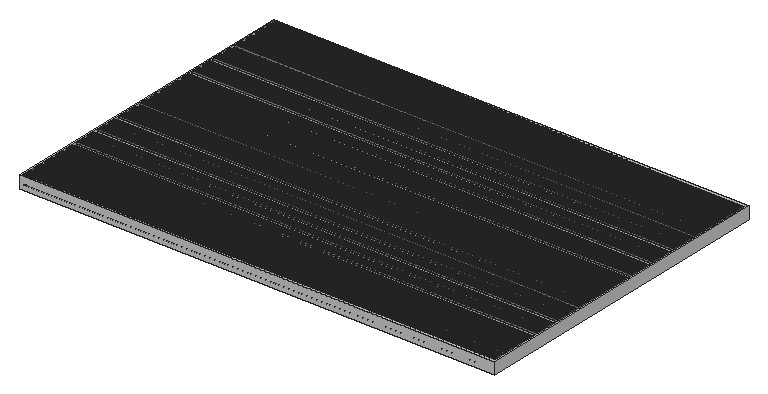
Revit family "Flooring_Entrance_Fuma_TopCleanTrend-Mit-Gummiprofil_DE", category Allgemeines Modell, Revit 2018
Family settings
  Kann Basisbauteil für Bewehrung sein = Nein
  Bemaßung runder Anschluss = Durchmesser verwenden
  Teiletyp = Normal
  Arbeitsebenenbasiert = Nein
  Immer vertikal = Ja
  Beim Laden mit Abzugskörper schneiden = Nein
  Gemeinsam genutzt = Nein
  Raumberechnungspunkt = Nein
Parameters (values of type "Teppichlänge 27 mm")
  Technische Daten = "https://www.fuma.com/produkte/eingangsmatten/aluprofilmatten/top-clean-trend"
  Produktinformation = "Diese besonders witterungsbeständige und korrosionsresistente Matte empfiehlt sich für den Außenbereich. Geeignet für Eingänge mit normaler und starker Lauffrequentierung. Stoppt bereits am Eingang äußerst zuverlässig Schmutz und Nässe. Ausgestattet mit einem strapazierfähigen Antirutsch- Gummiprofil. Schalldämmend, maßhaltig, aufrollbar und leicht zu reinigen. Anfertigung in jeder Breite und Tiefe. Sonderformen gegen Aufpreis"
  Product avaibility = "weltweit\r\n"  # constant formula
  Modell-Nr = "12225 G"
  Maximale Belastung = "3.000 kg"
  Hersteller Land = "Deutschland"  # constant formula
  Minimale Teppichlänge = 300 mm  # constant formula
  Maximale Teppichlänge = 10000 mm  # constant formula
  Länge des Teppichs = 1200 mm
  Minimale Teppichbreite = 300 mm  # constant formula
  Maximale Teppichbreite = 10000 mm  # constant formula
  Edition number = 2
  Breite des Teppichs = 800 mm
  Rips = Polypropylen - Fuma - Rips
  Rahmen Material = "Aluminium oder Edelstahl"
  Beginn des Pinsels = Angepasste Wiederholung / 2  # 33.267 mm
  Farbe = "Farbe Gummiprofil: - schwarz"
  Abstandseinstellung = (Breite des aktuellen Teppichs - (Anzahl der aktuellen Profile * Versuchswiederholung)) / Anzahl der aktuellen Profile * 0.8  # 0.533 mm
  Versuchswiederholung = 2 * (Profilbreite + Abstand zwischen den Profilen 4 6 oder 8mm)  # 66 mm
  URL = "https://www.fuma.com/"
  Telefon = " +49 7248 450 73 0\r\n"  # constant formula
  Type Comments = ""
  Tiefen Teppich = 5 mm
  Angepasste Wiederholung = Versuchswiederholung + Abstandseinstellung  # 66.533 mm
  Anzahl der aktuellen Profile = rounddown(Breite des aktuellen Teppichs / Versuchswiederholung)  # 12
  Modell = "TopCleanTrend® mit Gummiprofil"
  Hersteller = "fuma Hauszubehör GmbH"  # constant formula
  Aktuelle Länge = Aktuelle Teppichlänge - (Dicke des Rahmenprofils + 2 mm) * 2  # 1190 mm
  Aktuelle Teppichlänge = if(Länge des Teppichs < Minimale Teppichlänge, Minimale Teppichlänge, if(Länge des Teppichs > Maximale Teppichlänge, Maximale Teppichlänge, Länge des Teppichs))  # 1200 mm
  Profil = Aluminum - Fuma - Grun
  Breite des Rahmenprofils = (Profilbreite + Abstand zwischen den Profilen 4 6 oder 8mm) / 2  # 16.5 mm
  Profilbreite = 27 mm
  Aktuelle Breite = Anzahl der aktuellen Profile * Angepasste Wiederholung + 2 mm  # 800.4 mm
  Breite des aktuellen Teppichs = if(Breite des Teppichs < Minimale Teppichbreite, Minimale Teppichbreite, if(Breite des Teppichs > Maximale Teppichbreite, Maximale Teppichbreite, Breite des Teppichs))  # 800 mm
  Rahmenhöhe = 30 mm
  Dicke des Teppichs = 27 mm
  Dicke des Rahmenprofils = 3 mm  # constant formula
  E-mail = "info@fuma.com"  # constant formula
  Abstand zwischen den Profilen 4 6 oder 8mm = 6 mm
  Entfernungsprofil = 23 mm
  Description = ""
  Gummi = Gummi - Fuma - Schwarz
  Anschrift = "Reutäckerstraße 9, 76307 Karlsbad, DE"  # constant formula
Types (4, lengths in mm): name | Tiefen Teppich | Rahmenhöhe | Dicke des Teppichs | Entfernungsprofil
  Teppichlänge 10 mm | 2.8 | 15 | 10 | 10.2
  Teppichlänge 27 mm | 5 | 30 | 27 | 23
  Teppichlänge 22 mm | 5 | 25 | 22 | 18
  Teppichlänge 17 mm | 3 | 20 | 17 | 13.5
Reference planes
  plane 1 "Center (Front/Back)": y = 0
  plane 2: z = 0
  plane 3 "Center (Left/Right)": x = 0
  plane 4: y = 800
  plane 5: x = 1200
Forms (mm)
  Sweep 1, solid, material "Aluminum - Fuma - Grun" <- "Profil"
    path origin (0, 0, 0) x (1, 0, 0) y (0, 1, 0)
      loop
        line (0, 800) -> (0, 0) -> (1200, 0) -> (1200, 800) -> (0, 800)
    profile origin (600, 800, 0) x (0, 1, 0) y (0, 0, 1)
      loop
        line (0, -3) -> (0, 27) -> (-3, 27) -> (-3, 0) -> (-16.5, 0) -> (-16.5, -3) -> (0, -3)
Dimensions and locks
  equal spacing: group 1, group 2, group 3, group 4, group 9, group 10, group 11, group 12, group 13, group 14, group 15, group 16  (x3)
  "Aktuelle Teppichlänge": plane 5 to plane 3 "Center (Left/Right)"
  "Breite des aktuellen Teppichs": plane 4 to plane 1 "Center (Front/Back)"
  "Dicke des Rahmenprofils": Sweep 1 sketch curve to Sweep 1 sketch curve  (x2)
  "Rahmenhöhe": Sweep 1 sketch curve to Sweep 1 sketch curve
  "Breite des Rahmenprofils": Sweep 1 sketch curve to Sweep 1 sketch curve
  locked: plane 1 "Center (Front/Back)" to nested 1 at 4
  "Angepasste Wiederholung": nested 1 to nested 2
  equal spacing: group 5, group 6, group 7, group 8, group 17, group 18, group 19, group 20, group 21, group 22, group 23, group 24  (x3)
  "Angepasste Wiederholung": nested 6 to nested 5
  "Beginn des Pinsels": nested 5 to nested 1
  aligned and locked: Sweep 1 sketch curve to plane 5
  aligned and locked: plane 3 "Center (Left/Right)" to Sweep 1 sketch curve
  aligned and locked: Sweep 1 sketch curve to plane 4
  aligned and locked: Sweep 1 sketch curve to plane 1 "Center (Front/Back)"
Automatic sketch dimensions
  Sweep 1 sketch curve to level = 0 mm
  Sweep 1 sketch curve to profile plane = 0 mm
Nested families
  nested 1: "Grooved Rubber" at (4, 17.472, 0), type "Grooved Rubber"
    with Trend 27 yes, Trend 22 no, Hauteur 27 mm, Distance profil 23 mm
  nested 2: "Grooved Rubber" at (4, 84.005, 0), type "Grooved Rubber"
    with Trend 27 yes, Trend 22 no, Hauteur 27 mm, Distance profil 23 mm
  nested 3: "Grooved Rubber" at (4, 150.539, 0), type "Grooved Rubber"
    with Trend 27 yes, Trend 22 no, Hauteur 27 mm, Distance profil 23 mm
  nested 4: "Grooved Rubber" at (4, 217.072, 0), type "Grooved Rubber"
    with Trend 27 yes, Trend 22 no, Hauteur 27 mm, Distance profil 23 mm
  nested 5: "Grooved Rubber" at (4, 50.739, 0), type "Grooved Rubber"
    with Trend 27 yes, Trend 22 no, Hauteur 27 mm, Distance profil 23 mm
  nested 6: "Grooved Rubber" at (4, 117.272, 0), type "Grooved Rubber"
    with Trend 27 yes, Trend 22 no, Hauteur 27 mm, Distance profil 23 mm
  nested 7: "Grooved Rubber" at (4, 183.805, 0), type "Grooved Rubber"
    with Trend 27 yes, Trend 22 no, Hauteur 27 mm, Distance profil 23 mm
  nested 8: "Grooved Rubber" at (4, 250.339, 0), type "Grooved Rubber"
    with Trend 27 yes, Trend 22 no, Hauteur 27 mm, Distance profil 23 mm
  nested 9: "Grooved Rubber" at (4, 283.605, 0), type "Grooved Rubber"
    with Trend 27 yes, Trend 22 no, Hauteur 27 mm, Distance profil 23 mm
  nested 10: "Grooved Rubber" at (4, 350.139, 0), type "Grooved Rubber"
    with Trend 27 yes, Trend 22 no, Hauteur 27 mm, Distance profil 23 mm
  nested 11: "Grooved Rubber" at (4, 416.672, 0), type "Grooved Rubber"
    with Trend 27 yes, Trend 22 no, Hauteur 27 mm, Distance profil 23 mm
  nested 12: "Grooved Rubber" at (4, 483.205, 0), type "Grooved Rubber"
    with Trend 27 yes, Trend 22 no, Hauteur 27 mm, Distance profil 23 mm
  nested 13: "Grooved Rubber" at (4, 549.739, 0), type "Grooved Rubber"
    with Trend 27 yes, Trend 22 no, Hauteur 27 mm, Distance profil 23 mm
  nested 14: "Grooved Rubber" at (4, 616.272, 0), type "Grooved Rubber"
    with Trend 27 yes, Trend 22 no, Hauteur 27 mm, Distance profil 23 mm
  nested 15: "Grooved Rubber" at (4, 682.805, 0), type "Grooved Rubber"
    with Trend 27 yes, Trend 22 no, Hauteur 27 mm, Distance profil 23 mm
  nested 16: "Grooved Rubber" at (4, 749.339, 0), type "Grooved Rubber"
    with Trend 27 yes, Trend 22 no, Hauteur 27 mm, Distance profil 23 mm
  nested 17: "Grooved Rubber" at (4, 316.872, 0), type "Grooved Rubber"
    with Trend 27 yes, Trend 22 no, Hauteur 27 mm, Distance profil 23 mm
  nested 18: "Grooved Rubber" at (4, 383.405, 0), type "Grooved Rubber"
    with Trend 27 yes, Trend 22 no, Hauteur 27 mm, Distance profil 23 mm
  nested 19: "Grooved Rubber" at (4, 449.939, 0), type "Grooved Rubber"
    with Trend 27 yes, Trend 22 no, Hauteur 27 mm, Distance profil 23 mm
  nested 20: "Grooved Rubber" at (4, 516.472, 0), type "Grooved Rubber"
    with Trend 27 yes, Trend 22 no, Hauteur 27 mm, Distance profil 23 mm
  nested 21: "Grooved Rubber" at (4, 583.005, 0), type "Grooved Rubber"
    with Trend 27 yes, Trend 22 no, Hauteur 27 mm, Distance profil 23 mm
  nested 22: "Grooved Rubber" at (4, 649.539, 0), type "Grooved Rubber"
    with Trend 27 yes, Trend 22 no, Hauteur 27 mm, Distance profil 23 mm
  nested 23: "Grooved Rubber" at (4, 716.072, 0), type "Grooved Rubber"
    with Trend 27 yes, Trend 22 no, Hauteur 27 mm, Distance profil 23 mm
  nested 24: "Grooved Rubber" at (4, 782.605, 0), type "Grooved Rubber"
    with Trend 27 yes, Trend 22 no, Hauteur 27 mm, Distance profil 23 mm
Definition of nested family "Grooved Rubber"
  Parameters (values of type "Grooved Rubber")
    Trend 42 = Hauteur = 42 mm  # no
    Trend 27 = Hauteur = 27 mm  # no
    Trend 22 = Hauteur = 22 mm  # yes
    Trend 17 = Hauteur = 17 mm  # no
    Trend 13 = Hauteur = 13 mm  # no
    Trend 10 = Hauteur = 10 mm  # no
    URL = "https://www.geggus.fr/"
    Profondeur Tapis = 5 mm
    Model = "Top Clean TREND®"
    Manufacturer = "Geggus"
    Longueur = 1190 mm
    Profile = none
    Hauteur = 22 mm
    Gros deniers = yes
    Fintion 2 = none
    Fins deniers = no
    Distance profil = 18 mm
    Caoutchouc = none
    Brosse = none
  Reference planes
    plane 1 "Center (Front/Back)": y = 0
    plane 2: z = 0
    plane 3 "Center (Left/Right)": x = 0
    plane 4: z = 13
    plane 5: z = 18
    plane 6: z = 18
    plane 7: z = 18
  Forms (mm)
    Extrusion 1, solid, material <- "Profile", visible <- "Trend 17"
      sketch origin (0, 0, 0) x (0, 1, 0) y (0, 0, 1)
        loop
          line (12.528, 9.5) -> (-12.472, 9.5) -> (-12.472, 6.7) -> (12.528, 6.7) -> (12.528, 9.5)
        loop
          line (12.028, 10.5) -> (-11.972, 10.5) -> (-11.972, 13.5) -> (-10.982, 13.5) -> (-10.982, 14.5) -> (-13.472, 14.5) -> (-13.472, 2) -> (-11.175, 2) -> (-11.175, 3) -> (-12.472, 3) -> (-12.472, 5.5) -> (-7.372, 5.5) -> (-7.372, 3) -> (-8.681, 3) -> (-8.681, 2) -> (-6.372, 2) -> (-6.372, 5.5) -> (6.428, 5.5) -> (6.428, 2) -> (8.737, 2) -> (8.737, 3) -> (7.428, 3) -> (7.428, 5.5) -> (12.528, 5.5) -> (12.528, 3) -> (11.231, 3) -> (11.231, 2) -> (13.528, 2) -> (13.528, 14.5) -> (11.038, 14.5) -> (11.038, 13.5) -> (12.028, 13.5) -> (12.028, 10.5)
      from 0 to 1190 <- "Longueur"
    Extrusion 2, solid, material <- "Caoutchouc"
      sketch origin (0, -9.881, 7.713) x (0, -1, 0) y (0, 0, -1)
        loop
          line (1.319, 5.713) -> (2.983, 5.713)
          arc (2.983, 5.713) -> (3.327, 5.932) -> (3.274, 6.337) r 0.38
          line (3.274, 6.337) -> (2.119, 7.713) -> (-1.881, 7.713) -> (-3.035, 6.337)
          arc (-3.035, 6.337) -> (-3.088, 5.932) -> (-2.744, 5.713) r 0.38
          line (-2.744, 5.713) -> (-1.081, 5.713) -> (-1.081, 4.76) -> (-1.866, 4.377)
          arc (-1.866, 4.377) -> (-2.114, 3.98) -> (-1.866, 3.583) r 0.442
          line (-1.866, 3.583) -> (-0.765, 3.046)
          arc (-0.765, 3.046) -> (0.119, 2.842) -> (1.004, 3.046) r 2.019
          line (1.004, 3.046) -> (2.105, 3.583)
          arc (2.105, 3.583) -> (2.353, 3.98) -> (2.105, 4.377) r 0.442
          line (2.105, 4.377) -> (1.319, 4.76) -> (1.319, 5.713)
        loop
          line (-21.081, 5.713) -> (-21.081, 4.76) -> (-21.866, 4.377)
          arc (-21.866, 4.377) -> (-22.114, 3.98) -> (-21.866, 3.583) r 0.442
          line (-21.866, 3.583) -> (-20.765, 3.046)
          arc (-20.765, 3.046) -> (-19.881, 2.842) -> (-18.996, 3.046) r 2.019
          line (-18.996, 3.046) -> (-17.895, 3.583)
          arc (-17.895, 3.583) -> (-17.647, 3.98) -> (-17.895, 4.377) r 0.442
          line (-17.895, 4.377) -> (-18.681, 4.76) -> (-18.681, 5.713) -> (-17.017, 5.713)
          arc (-17.017, 5.713) -> (-16.673, 5.932) -> (-16.726, 6.337) r 0.38
          line (-16.726, 6.337) -> (-17.881, 7.713) -> (-21.881, 7.713) -> (-23.035, 6.337)
          arc (-23.035, 6.337) -> (-23.088, 5.932) -> (-22.744, 5.713) r 0.38
          line (-22.744, 5.713) -> (-21.081, 5.713)
      from 0 to 1190 <- "Longueur"
    Extrusion 3, solid, material <- "Brosse", visible <- "Gros deniers"
      sketch origin (0, 0.264, 37.152) x (0, 1, 0) y (0, 0, 1)
        loop
          line (10.315, -24.152) -> (11.621, -16.743) -> (10.374, -14.746) -> (9.01, -16.929) -> (7.646, -14.746) -> (6.282, -16.929) -> (4.918, -14.746) -> (3.671, -16.743) -> (2.423, -14.746) -> (1.059, -16.929) -> (-0.264, -14.812) -> (-1.586, -16.929) -> (-2.95, -14.746) -> (-4.198, -16.743) -> (-5.445, -14.746) -> (-6.809, -16.929) -> (-8.173, -14.746) -> (-9.368, -16.659) -> (-10.563, -14.746) -> (-12.074, -17.164) -> (-10.842, -24.152) -> (10.315, -24.152)
      from 0 to 1190 <- "Longueur"
    Extrusion 4, solid, material <- "Profile", visible <- "Trend 22"
      sketch origin (0, 0.25, 15.623) x (0, 1, 0) y (0, 0, 1)
        loop
          line (8.549, -13.623) -> (8.549, -12.67) -> (7.498, -12.67) -> (7.498, -9.628) -> (12.25, -9.628) -> (12.25, -12.67) -> (10.95, -12.67) -> (10.95, -13.623) -> (12.563, -13.623)
          arc (12.563, -13.623) -> (13.049, -13.422) -> (13.25, -12.937) r 0.687
          line (13.25, -12.937) -> (13.25, 3.375) -> (13, 2.442) -> (12.75, 3.375) -> (12.508, 2.472) -> (12.249, 3.374) -> (12, 2.504) -> (11.75, 3.375)
          arc (11.75, 3.375) -> (11.003, 2.872) -> (11.75, 2.37) r 0.542
          line (11.75, 2.37) -> (11.75, -2.619) -> (-12.25, -2.619) -> (-12.25, 2.37)
          arc (-12.25, 2.37) -> (-11.503, 2.872) -> (-12.25, 3.375) r 0.542
          line (-12.25, 3.375) -> (-12.5, 2.504) -> (-12.749, 3.374) -> (-13.008, 2.472) -> (-13.25, 3.375) -> (-13.5, 2.442) -> (-13.75, 3.375) -> (-13.75, -12.937)
          arc (-13.75, -12.937) -> (-13.549, -13.422) -> (-13.063, -13.623) r 0.687
          line (-13.063, -13.623) -> (-11.45, -13.623) -> (-11.45, -12.67) -> (-12.75, -12.67) -> (-12.75, -9.628) -> (-7.998, -9.628) -> (-7.998, -12.67) -> (-9.049, -12.67) -> (-9.049, -13.623) -> (-6.75, -13.623) -> (-6.75, -9.628) -> (6.25, -9.628) -> (6.25, -13.623) -> (8.549, -13.623)
        loop
          arc (11.684, -8.63) -> (12.084, -8.464) -> (12.25, -8.063) r 0.566
          line (12.25, -8.063) -> (12.25, -4.232)
          arc (12.25, -4.232) -> (12.074, -3.807) -> (11.65, -3.632) r 0.6
          line (11.65, -3.632) -> (-12.19, -3.632)
          arc (-12.19, -3.632) -> (-12.586, -3.796) -> (-12.75, -4.191) r 0.56
          line (-12.75, -4.191) -> (-12.75, -8.023)
          arc (-12.75, -8.023) -> (-12.572, -8.452) -> (-12.144, -8.63) r 0.606
          line (-12.144, -8.63) -> (11.684, -8.63)
      from 0 to 1190 <- "Longueur"
    Extrusion 5, solid, material <- "Profile", visible <- "Trend 27"
      sketch origin (0, -0.028, 0) x (0, 1, 0) y (0, 0, 1)
        loop
          line (11.028, 16.864) -> (-10.972, 16.864)
          arc (-10.972, 16.864) -> (-11.679, 16.571) -> (-11.972, 15.864) r 1
          line (-11.972, 15.864) -> (-11.972, 8.201)
          arc (-11.972, 8.201) -> (-11.679, 7.494) -> (-10.972, 7.201) r 1
          line (-10.972, 7.201) -> (11.028, 7.201)
          arc (11.028, 7.201) -> (11.735, 7.494) -> (12.028, 8.201) r 1
          line (12.028, 8.201) -> (12.028, 15.864)
          arc (12.028, 15.864) -> (11.735, 16.571) -> (11.028, 16.864) r 1
        loop
          line (12.028, 18.021) -> (-11.972, 18.021) -> (-11.972, 23.003) -> (-10.982, 23.003) -> (-10.982, 24.003) -> (-13.472, 24.003) -> (-13.472, 2) -> (-11.175, 2) -> (-11.175, 3) -> (-12.472, 3) -> (-12.472, 5.966) -> (-7.372, 5.966) -> (-7.372, 3) -> (-8.681, 3) -> (-8.681, 2) -> (-6.372, 2) -> (-6.372, 5.966) -> (6.428, 5.966) -> (6.428, 2) -> (8.737, 2) -> (8.737, 3) -> (7.428, 3) -> (7.428, 5.966) -> (12.528, 5.966) -> (12.528, 3) -> (11.231, 3) -> (11.231, 2) -> (13.528, 2) -> (13.528, 24.003) -> (11.038, 24.003) -> (11.038, 23.003) -> (12.028, 23.003) -> (12.028, 18.021)
      from 0 to 1190 <- "Longueur"
    Extrusion 6, solid, material <- "Profile", visible <- "Trend 10"
      sketch origin (0, 0, 8.025) x (0, 1, 0) y (0, 0, 1)
        loop
          line (8.804, -6.025) -> (8.804, -5.072) -> (7.498, -5.072) -> (7.498, -2.031) -> (12.498, -2.031) -> (12.498, -5.072) -> (11.204, -5.072) -> (11.204, -6.025) -> (12.626, -6.025)
          arc (12.626, -6.025) -> (13.263, -5.761) -> (13.527, -5.124) r 0.902
          line (13.527, -5.124) -> (13.527, 2.339)
          arc (13.527, 2.339) -> (13.624, 2.92) -> (13.25, 3.375) r 0.711
          line (13.25, 3.375) -> (13, 2.442) -> (12.75, 3.375) -> (12.508, 2.472) -> (12.249, 3.374) -> (12, 2.504) -> (11.75, 3.375)
          arc (11.75, 3.375) -> (11.003, 2.872) -> (11.75, 2.37) r 0.542
          line (11.75, 2.37) -> (11.75, -0.638) -> (-11.75, -0.638) -> (-11.75, 2.37)
          arc (-11.75, 2.37) -> (-11.003, 2.872) -> (-11.75, 3.375) r 0.542
          line (-11.75, 3.375) -> (-12, 2.504) -> (-12.249, 3.374) -> (-12.508, 2.472) -> (-12.75, 3.375) -> (-13, 2.442) -> (-13.25, 3.375)
          arc (-13.25, 3.375) -> (-13.624, 2.92) -> (-13.527, 2.339) r 0.711
          line (-13.527, 2.339) -> (-13.527, -5.124)
          arc (-13.527, -5.124) -> (-13.263, -5.761) -> (-12.626, -6.025) r 0.902
          line (-12.626, -6.025) -> (-11.204, -6.025) -> (-11.204, -5.072) -> (-12.498, -5.072) -> (-12.498, -2.031) -> (-7.498, -2.031) -> (-7.498, -5.072) -> (-8.804, -5.072) -> (-8.804, -6.025) -> (8.804, -6.025)
        loop
          line (-5.764, -5.072) -> (5.764, -5.072)
          arc (5.764, -5.072) -> (6.289, -4.855) -> (6.506, -4.329) r 0.743
          line (6.506, -4.329) -> (6.506, -2.723)
          arc (6.506, -2.723) -> (6.303, -2.233) -> (5.814, -2.031) r 0.692
          line (5.814, -2.031) -> (-5.814, -2.031)
          arc (-5.814, -2.031) -> (-6.303, -2.233) -> (-6.506, -2.723) r 0.692
          line (-6.506, -2.723) -> (-6.506, -4.329)
          arc (-6.506, -4.329) -> (-6.289, -4.855) -> (-5.764, -5.072) r 0.743
      from 0 to 1190 <- "Longueur"
  Dimensions and locks
    "Profondeur Tapis": plane 4 to plane 5
    "Distance profil": plane 5 to level
    aligned and locked: plane 4 to Extrusion 3 sketch curve
  Automatic sketch dimensions
    plane 1 "Center (Front/Back)" to Extrusion 1 sketch curve = 13.472 mm
    Extrusion 1 sketch curve to Extrusion 1 sketch curve = 1 mm  (x12)
    Extrusion 1 sketch curve to Extrusion 1 sketch curve = 0.5 mm  (x2)
    Extrusion 1 sketch curve to Extrusion 1 sketch curve = 1.297 mm
    Extrusion 1 sketch curve to Extrusion 1 sketch curve = 0.99 mm  (x2)
    Extrusion 1 sketch curve to Extrusion 1 sketch curve = 2.495 mm  (x2)
    Extrusion 1 sketch curve to Extrusion 1 sketch curve = 1.309 mm  (x2)
    level to Extrusion 1 sketch curve = 2 mm  (x4)
    Extrusion 1 sketch curve to plane 1 "Center (Front/Back)" = 6.428 mm
    Extrusion 1 sketch curve to Extrusion 1 sketch curve = 3.61 mm
    Extrusion 1 sketch curve to Extrusion 1 sketch curve = 0 mm  (x3)
    Extrusion 1 sketch curve to Extrusion 1 sketch curve = 2.5 mm
    Extrusion 1 sketch curve to Extrusion 1 sketch curve = 1.2 mm
    Extrusion 1 sketch curve to Extrusion 1 sketch curve = 2.8 mm
    Extrusion 1 sketch curve to Extrusion 1 sketch curve = 3 mm  (x2)
    Extrusion 2 sketch curve to level = 0 mm  (x2)
    level to Extrusion 2 sketch curve = 1.376 mm  (x4)
    Extrusion 2 sketch curve to plane 1 "Center (Front/Back)" = 13.155 mm
    Extrusion 2 sketch curve to Extrusion 2 sketch curve = 0.291 mm  (x4)
    Extrusion 2 sketch curve to Extrusion 2 sketch curve = 1.155 mm  (x2)
    level to Extrusion 2 sketch curve = 4.13 mm  (x3)
    Extrusion 2 sketch curve to Extrusion 2 sketch curve = 0.878 mm  (x3)
    Extrusion 2 sketch curve to Extrusion 2 sketch curve = 0.194 mm  (x7)
    Extrusion 2 sketch curve to Extrusion 2 sketch curve = 0.592 mm  (x3)
    level to Extrusion 2 sketch curve = 4.667 mm  (x3)
    Extrusion 2 sketch curve to Extrusion 2 sketch curve = 1.1 mm  (x2)
    Extrusion 2 sketch curve to Extrusion 2 sketch curve = 1.2 mm  (x4)
    level to Extrusion 2 sketch curve = 2.953 mm  (x2)
    level to Extrusion 2 sketch curve = 3.336 mm  (x4)
    Extrusion 2 sketch curve to Extrusion 2 sketch curve = 0.8 mm  (x2)
    plane 1 "Center (Front/Back)" to Extrusion 2 sketch curve = 6.845 mm
    Extrusion 2 sketch curve to Extrusion 2 sketch curve = 0 mm
    Extrusion 2 sketch curve to Extrusion 2 sketch curve = 0.785 mm
    Extrusion 2 sketch curve to Extrusion 2 sketch curve = 1.77 mm
    Extrusion 2 sketch curve to Extrusion 2 sketch curve = 1.664 mm
    Extrusion 2 sketch curve to Extrusion 2 sketch curve = 0.794 mm
    Extrusion 2 sketch curve to Extrusion 2 sketch curve = 0.397 mm  (x2)
    Extrusion 2 sketch curve to Extrusion 2 sketch curve = 0.78 mm  (x2)
    Extrusion 2 sketch curve to Extrusion 2 sketch curve = 0.101 mm  (x2)
    Extrusion 2 sketch curve to Extrusion 2 sketch curve = 0.953 mm  (x3)
    Extrusion 2 sketch curve to Extrusion 2 sketch curve = 0.624 mm
    plane 1 "Center (Front/Back)" to Extrusion 4 sketch curve = 13.5 mm
    Extrusion 4 sketch curve to Extrusion 4 sketch curve = 0.25 mm  (x2)
    Extrusion 4 sketch curve to Extrusion 4 sketch curve = 0.5 mm  (x3)
    Extrusion 4 sketch curve to Extrusion 4 sketch curve = 0.687 mm
    Extrusion 4 sketch curve to Extrusion 4 sketch curve = 0.492 mm  (x2)
    Extrusion 4 sketch curve to Extrusion 4 sketch curve = 0.258 mm
    Extrusion 4 sketch curve to Extrusion 4 sketch curve = 0.313 mm  (x2)
    Extrusion 4 sketch curve to Extrusion 4 sketch curve = 0.501 mm  (x2)
    Extrusion 4 sketch curve to Extrusion 4 sketch curve = 0.508 mm  (x2)
    Extrusion 4 sketch curve to Extrusion 4 sketch curve = 0.499 mm  (x2)
    Extrusion 4 sketch curve to Extrusion 4 sketch curve = 0.56 mm
    Extrusion 4 sketch curve to Extrusion 4 sketch curve = 0.606 mm
    Extrusion 4 sketch curve to Extrusion 4 sketch curve = 0.205 mm  (x2)
    Extrusion 4 sketch curve to Extrusion 4 sketch curve = 1.3 mm  (x2)
    Extrusion 4 sketch curve to Extrusion 4 sketch curve = 2.401 mm  (x2)
    Extrusion 4 sketch curve to Extrusion 4 sketch curve = 1.051 mm  (x2)
    Extrusion 4 sketch curve to Extrusion 4 sketch curve = 1.248 mm  (x2)
    Extrusion 4 sketch curve to plane 1 "Center (Front/Back)" = 6.5 mm
    Extrusion 4 sketch curve to plane 1 "Center (Front/Back)" = 11.795 mm
    Extrusion 4 sketch curve to Extrusion 4 sketch curve = 0.105 mm
    Extrusion 4 sketch curve to Extrusion 4 sketch curve = 0.034 mm
    Extrusion 4 sketch curve to Extrusion 4 sketch curve = 0.1 mm
    Extrusion 4 sketch curve to Extrusion 4 sketch curve = 0.6 mm
    level to Extrusion 4 sketch curve = 2 mm
    Extrusion 4 sketch curve to Extrusion 4 sketch curve = 0 mm  (x6)
    Extrusion 4 sketch curve to Extrusion 4 sketch curve = 0.953 mm  (x3)
    Extrusion 4 sketch curve to Extrusion 4 sketch curve = 0.267 mm
    Extrusion 4 sketch curve to Extrusion 4 sketch curve = 3.042 mm  (x2)
    Extrusion 4 sketch curve to Extrusion 4 sketch curve = 0.999 mm
    Extrusion 4 sketch curve to Extrusion 4 sketch curve = 3.832 mm
    Extrusion 4 sketch curve to Extrusion 4 sketch curve = 1.013 mm
    Extrusion 4 sketch curve to Extrusion 4 sketch curve = 4.989 mm  (x2)
    Extrusion 4 sketch curve to Extrusion 4 sketch curve = 0.071 mm  (x2)
    Extrusion 4 sketch curve to Extrusion 4 sketch curve = 0.03 mm  (x2)
    Extrusion 4 sketch curve to Extrusion 4 sketch curve = 0.133 mm  (x2)
    Extrusion 4 sketch curve to Extrusion 4 sketch curve = 0.502 mm  (x2)
    Extrusion 4 sketch curve to Extrusion 4 sketch curve = 0.001 mm  (x3)
    Extrusion 4 sketch curve to Extrusion 4 sketch curve = 0.933 mm
    plane 1 "Center (Front/Back)" to Extrusion 5 sketch curve = 13.5 mm
    Extrusion 5 sketch curve to Extrusion 5 sketch curve = 1 mm  (x13)
    Extrusion 5 sketch curve to Extrusion 5 sketch curve = 0.5 mm
    Extrusion 5 sketch curve to Extrusion 5 sketch curve = 0 mm  (x7)
    Extrusion 5 sketch curve to Extrusion 5 sketch curve = 1.297 mm
    Extrusion 5 sketch curve to Extrusion 5 sketch curve = 0.99 mm  (x2)
    Extrusion 5 sketch curve to Extrusion 5 sketch curve = 2.495 mm  (x2)
    Extrusion 5 sketch curve to Extrusion 5 sketch curve = 1.309 mm  (x2)
    Extrusion 5 sketch curve to Extrusion 5 sketch curve = 12.8 mm
    Extrusion 5 sketch curve to Extrusion 5 sketch curve = 3.6 mm
    Extrusion 5 sketch curve to Extrusion 5 sketch curve = 0.01 mm
    Extrusion 5 sketch curve to Extrusion 5 sketch curve = 1.5 mm
    level to Extrusion 5 sketch curve = 2 mm
    Extrusion 5 sketch curve to Extrusion 5 sketch curve = 2.966 mm
    Extrusion 5 sketch curve to Extrusion 5 sketch curve = 1.236 mm
    Extrusion 5 sketch curve to Extrusion 5 sketch curve = 7.663 mm
    Extrusion 5 sketch curve to Extrusion 5 sketch curve = 1.157 mm
    Extrusion 5 sketch curve to Extrusion 5 sketch curve = 4.982 mm  (x2)
    level to Extrusion 6 sketch curve = 2.902 mm
    plane 1 "Center (Front/Back)" to Extrusion 6 sketch curve = 13.527 mm
    Extrusion 6 sketch curve to Extrusion 6 sketch curve = 0.277 mm
    Extrusion 6 sketch curve to Extrusion 6 sketch curve = 0.527 mm
    Extrusion 6 sketch curve to Extrusion 6 sketch curve = 0.062 mm  (x2)
    Extrusion 6 sketch curve to Extrusion 6 sketch curve = 0.5 mm  (x2)
    Extrusion 6 sketch curve to Extrusion 6 sketch curve = 0.902 mm  (x2)
    Extrusion 6 sketch curve to Extrusion 6 sketch curve = 0.492 mm
    Extrusion 6 sketch curve to Extrusion 6 sketch curve = 0.128 mm  (x2)
    Extrusion 6 sketch curve to Extrusion 6 sketch curve = 0.501 mm  (x2)
    Extrusion 6 sketch curve to Extrusion 6 sketch curve = 0.508 mm  (x2)
    Extrusion 6 sketch curve to Extrusion 6 sketch curve = 0.748 mm
    Extrusion 6 sketch curve to Extrusion 6 sketch curve = 0.499 mm  (x2)
    Extrusion 6 sketch curve to Extrusion 6 sketch curve = 0.205 mm  (x3)
    Extrusion 6 sketch curve to Extrusion 6 sketch curve = 1.422 mm
    Extrusion 6 sketch curve to Extrusion 6 sketch curve = 2.4 mm  (x2)
    Extrusion 6 sketch curve to Extrusion 6 sketch curve = 1.306 mm  (x2)
    Extrusion 6 sketch curve to Extrusion 6 sketch curve = 0.992 mm  (x2)
    Extrusion 6 sketch curve to Extrusion 6 sketch curve = 0.692 mm  (x2)
    Extrusion 6 sketch curve to Extrusion 6 sketch curve = 0.743 mm  (x3)
    Extrusion 6 sketch curve to plane 1 "Center (Front/Back)" = 5.764 mm
    Extrusion 6 sketch curve to Extrusion 6 sketch curve = 0.05 mm
    Extrusion 6 sketch curve to Extrusion 6 sketch curve = 4.047 mm
    Extrusion 6 sketch curve to Extrusion 6 sketch curve = 0.25 mm
    Extrusion 6 sketch curve to Extrusion 6 sketch curve = 1.294 mm
    Extrusion 6 sketch curve to Extrusion 6 sketch curve = 0.43 mm
    level to Extrusion 6 sketch curve = 2 mm  (x2)
    Extrusion 6 sketch curve to Extrusion 6 sketch curve = 0.953 mm  (x3)
    level to Extrusion 6 sketch curve = 2.953 mm
    Extrusion 6 sketch curve to Extrusion 6 sketch curve = 1.606 mm
    Extrusion 6 sketch curve to Extrusion 6 sketch curve = 3.042 mm
    Extrusion 6 sketch curve to Extrusion 6 sketch curve = 1.393 mm
    Extrusion 6 sketch curve to Extrusion 6 sketch curve = 2.977 mm  (x2)
    Extrusion 6 sketch curve to Extrusion 6 sketch curve = 0.031 mm  (x2)
    Extrusion 6 sketch curve to Extrusion 6 sketch curve = 0.102 mm  (x2)
    Extrusion 6 sketch curve to Extrusion 6 sketch curve = 0.03 mm  (x2)
    Extrusion 6 sketch curve to Extrusion 6 sketch curve = 0.133 mm  (x2)
    Extrusion 6 sketch curve to Extrusion 6 sketch curve = 0.295 mm  (x2)
    Extrusion 6 sketch curve to Extrusion 6 sketch curve = 0.502 mm  (x2)
    Extrusion 6 sketch curve to Extrusion 6 sketch curve = 0.001 mm  (x2)
    Extrusion 6 sketch curve to Extrusion 6 sketch curve = 0 mm  (x2)
    Extrusion 3 sketch curve to plane 1 "Center (Front/Back)" = 0 mm
    plane 1 "Center (Front/Back)" to Extrusion 3 sketch curve = 1.323 mm
    Extrusion 3 sketch curve to Extrusion 3 sketch curve = 1.364 mm  (x8)
    Extrusion 3 sketch curve to Extrusion 3 sketch curve = 1.247 mm  (x5)
    Extrusion 3 sketch curve to plane 5 = 2.223 mm  (x5)
    Extrusion 3 sketch curve to plane 5 = 2.493 mm
    Extrusion 3 sketch curve to Extrusion 3 sketch curve = 1.195 mm  (x2)
    Extrusion 3 sketch curve to plane 5 = 4.406 mm  (x2)
    Extrusion 3 sketch curve to Extrusion 3 sketch curve = 1.474 mm
    Extrusion 3 sketch curve to plane 5 = 1.988 mm
    Extrusion 3 sketch curve to Extrusion 3 sketch curve = 2.706 mm
    Extrusion 3 sketch curve to plane 1 "Center (Front/Back)" = 1.323 mm
    Extrusion 3 sketch curve to Extrusion 3 sketch curve = 1.305 mm
    Extrusion 3 sketch curve to plane 5 = 2.409 mm  (x3)
    Extrusion 3 sketch curve to Extrusion 3 sketch curve = 2.117 mm
    Extrusion 3 sketch curve to Extrusion 3 sketch curve = 1.996 mm  (x4)
    Extrusion 3 sketch curve to Extrusion 3 sketch curve = 1.913 mm
    Extrusion 3 sketch curve to Extrusion 3 sketch curve = 2.183 mm
